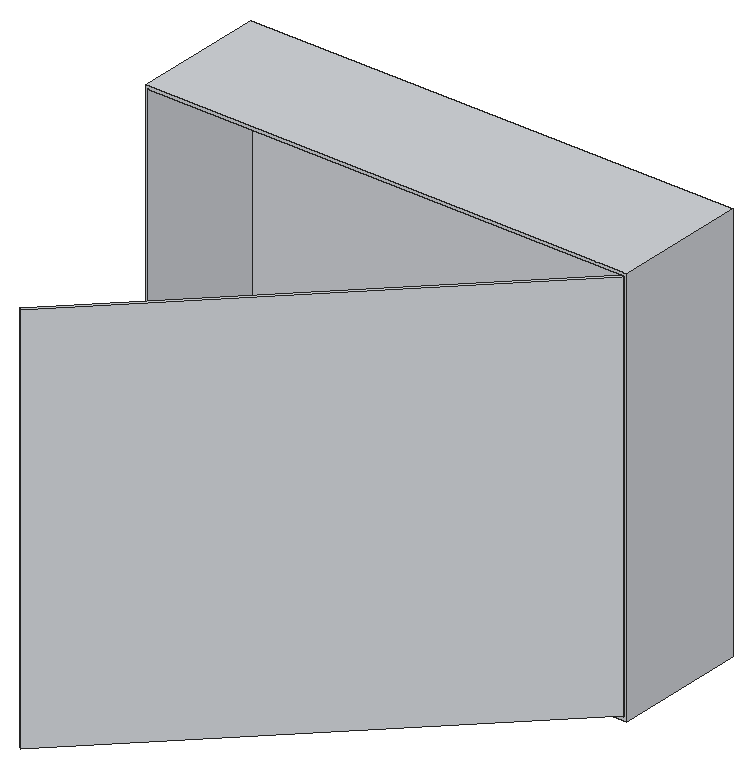
Revit family "Hager-Univers-IP41-leer-Aufputz-NoHosted-DE-de", category Electrical Equipment, Revit 2020
Family settings
  Panel Configuration = Two Columns, Circuits Across
  Round Connector Dimension = Use Diameter
  Part Type = Panelboard
  Work Plane-Based = Yes
  Always vertical = Yes
  Cut with Voids When Loaded = No
  Shared = No
  Room Calculation Point = No
Parameters (values of type "Aufputz IP41 B540 H450 T148 0 Teilungseinheiten - FB3008SN")
  Width Control [instance] = if([HG000006 - Unterputz], if([EF000846 - Einbaubreite] > min_whd, [EF000846 - Einbaubreite], min_whd), if([EF000008 - Breite] > min_whd, ([EF000008 - Breite]), min_whd))  # 540 mm
  Void Depth [instance] = if([EF000218 - Einbautiefe] > 1 mm, [EF000218 - Einbautiefe], 1 mm)  # 84 mm
  Type Comments = [HG000003 - Bereich]  # "Univers"
  System Height [instance] = Height Control - 2 * [HG000005 - Dicke]  # 444 mm
  Panel Name [instance] = ""  # (empty or 0)
  Offset [instance] = 0 mm
  Model = [HG000004 - Herstellerreferenz]  # "FB3008SN"
  Level Offset [instance] = [Flush Mounted - Door Frame Width] + Offset  # 0 mm
  HG000017 - Distanz zwischen den Polen = 18 mm
  HG000016 - 3D-Türsichtbarkeit [instance] = yes
  HG000015 - Sichtbarkeit der Türöffnung [instance] = no
  HG000014 - Tür rechts [instance] = yes
  HG000013 - Tür links [instance] = not([HG000014 - Tür rechts])  # no
  HG000012 - Türschwenkwinkel [instance] = 45.00°
  HG000011 - Leere Reihen von unten = no
  HG000010 - Asymmetrische Türen = no
  HG000009 - Doppelflügeligen Tür = no
  HG000008 - Anzahl der leeren Reihen = 0
  HG000007 - Anzahl der leeren Spalten = 0
  HG000006 - Unterputz = no
  HG000005 - Dicke = 3 mm  # constant formula
  HG000004 - Herstellerreferenz = "FB3008SN"
  HG000003 - Bereich = "Univers"
  HG000002 - Mit tür = yes
  HG000001 - Anzahl der Spalten = 0
  EF015941 - Signaldurchlassende Tür = no
  EF015777 - Neutralleiterklemmenblock = no
  EF015776 - Erdungsklemmenblock = no
  EF009212 - Ausführung Deckel = "EV000116 - geschlossen"
  EF006306 - Mit Schloss = no
  EF006244 - Transparenter Deckel/Tür = no
  EF005474 - Schutzart (IP) = "EV006416 - IP41"
  EF004462 - Art der Schließung = ""
  EF002950 - Breite in Teilungseinheiten = 0
  EF001596 - Werkstoff des Gehäuses = "EV000154 - sonstige"
  EF001134 - DIN-Schiene = no
  EF001131 - Innentiefe = 84 mm
  EF001088 - Anbaumöglichkeit = no
  EF001062 - EMV-Ausführung = no
  EF000846 - Einbaubreite = 300 mm
  EF000339 - Art der Abdeckung = "EV004216 - Tür"
  EF000332 - Einbauhöhe = 0 mm
  EF000266 - Anzahl der Reihen = 0
  EF000218 - Einbautiefe = 84 mm
  EF000118 - Mit Montageplatte = no
  EF000116 - RAL-Nummer = "9010"
  EF000049 - Tiefe = 148 mm
  EF000040 - Höhe = 450 mm
  EF000008 - Breite = 540 mm
  EF000007 - Farbe = "EV000202 - weiß"
  EF000003 - Montageart = "EV000384 - Aufputz"
  Description = ""
  Default Elevation = 1219.2 mm
  Arrow Offset [instance] = Depth Control / 8  # 18.5 mm
  Arrow Height [instance] = Depth Control - Arrow Offset  # 129.5 mm
  Host Offset [instance] = if([HG000006 - Unterputz], 0 mm, [EF000049 - Tiefe])  # 148 mm
  min_whd [instance] = (2 * [HG000005 - Dicke]) + 1 mm  # 7 mm
  Manufacturer = "Hager"  # constant formula
  Height Control [instance] = if([HG000006 - Unterputz], if([EF000332 - Einbauhöhe] > min_whd, [EF000332 - Einbauhöhe], min_whd), if([EF000040 - Höhe] > min_whd, ([EF000040 - Höhe]), min_whd))  # 450 mm
  Flush Mounted - Door Frame Width [instance] = if(([EF000040 - Höhe] - [EF000332 - Einbauhöhe]) > 0 mm, if([HG000006 - Unterputz], [EF000040 - Höhe] - [EF000332 - Einbauhöhe], 0 mm), 0 mm)  # 0 mm
  Depth Control [instance] = if([HG000006 - Unterputz], if([EF000218 - Einbautiefe] > 0 mm, [EF000218 - Einbautiefe], 1 mm), if([EF000049 - Tiefe] > 0 mm, ([EF000049 - Tiefe]), 1 mm))  # 148 mm
Types (3, lengths in mm): name | Width Control | System Height | Model | HG000004 - Herstellerreferenz | EF004462 - Art der Schließung | EF000846 - Einbaubreite | EF000049 - Tiefe | EF000040 - Höhe | EF000008 - Breite | Arrow Offset | Arrow Height | Host Offset | Height Control | Depth Control
  Aufputz IP41 B350 H350 T128 0 Teilungseinheiten - FB2008LN | 350 | 344 | "FB2008LN" | "FB2008LN" | "EV000154 - sonstige" | 200 | 128 | 350 | 350 | 16 | 112 | 128 | 350 | 128
  Aufputz IP41 B450 H450 T128 0 Teilungseinheiten - FB3008LN | 450 | 444 | "FB3008LN" | "FB3008LN" | "EV000154 - sonstige" | 300 | 128 | 450 | 450 | 16 | 112 | 128 | 450 | 128
  Aufputz IP41 B540 H450 T148 0 Teilungseinheiten - FB3008SN | 540 | 444 | "FB3008SN" | "FB3008SN" | "" | 300 | 148 | 450 | 540 | 18.5 | 129.5 | 148 | 450 | 148
Reference planes
  plane 1 "Center (Front/Back)": y = 0
  plane 2: z = 0
  plane 3 "Center (Left/Right)": x = 0
  plane 4: y = 3
  plane 5: y = 0
  plane 6: y = 0
  plane 7: z = 0
  plane 8: x = -270
  plane 9: x = 270
  plane 10: x = 267
  plane 11: x = -267
  plane 12: z = 0
  plane 13: z = 3
  plane 14: y = -143
  plane 15: y = -148
  plane 16: y = -3
  plane 17: z = 447
  plane 18: z = 450
  plane 19: z = 225
  plane 20: x = 0
  plane 21: y = -100
Forms (mm)
  Extrusion 1, solid
    sketch origin (-208.679, -4572, 0) x (-1, 0, 0) y (0, -1, 0)
      loop
        line (61.321, -4424) -> (-478.679, -4424) -> (-478.679, -4572) -> (61.321, -4572) -> (61.321, -4424)
    from 0 to 450 <- "Height Control"
  Extrusion 2, void
    sketch origin (-350.771, -148, 1219.2) x (1, 0, 0) y (0, 0, 1)
      loop
        line (83.771, -772.2) -> (83.771, -1216.2) -> (617.771, -1216.2) -> (617.771, -772.2) -> (83.771, -772.2)
    from 0 to -145
  Extrusion 3, solid, detail levels coarse+medium
    sketch origin (-350.771, -148, 1219.2) x (-1, 0, 0) y (0, 0, 1)
      loop
        line (-83.771, -772.2) -> (-617.771, -772.2) -> (-617.771, -1216.2) -> (-83.771, -1216.2) -> (-83.771, -772.2)
    from 0 to 3 <- "HG000005 - Dicke"
Cuts and joins
  Extrusion 2 cuts Extrusion 1
Dimensions and locks
  "Flush Mounted - Door Frame Width": plane 1 "Center (Front/Back)" to plane 6
  "HG000005 - Dicke": plane 4 to plane 6
  "HG000005 - Dicke": plane 8 to plane 11
  "HG000005 - Dicke": plane 9 to plane 10
  equal spacing: plane 8, plane 3 "Center (Left/Right)", plane 9
  "Width Control": plane 8 to plane 9
  locked: plane 14 to plane 15 at 5
  "Host Offset": plane 1 "Center (Front/Back)" to plane 15
  "Depth Control": plane 5 to plane 15
  "HG000005 - Dicke": plane 5 to plane 16
  "HG000005 - Dicke": plane 13 to plane 12
  "Level Offset": plane 12 to level
  "HG000005 - Dicke": plane 18 to plane 17
  "Height Control": plane 18 to plane 12
  "Arrow Offset": plane 5 to nested 4
  equal spacing: plane 18, plane 19, plane 12
  locked: connector elem to plane 19
  locked: connector elem to plane 3 "Center (Left/Right)"
  aligned and locked: nested 1 to plane 14
  aligned and locked: plane 3 "Center (Left/Right)" to nested 1
  aligned and locked: plane 3 "Center (Left/Right)" to nested 2
  aligned and locked: nested 2 to plane 15
  aligned and locked: plane 5 to Extrusion 1
  aligned and locked: Extrusion 3 sketch curve to plane 17
  aligned and locked: Extrusion 3 sketch curve to plane 11
  aligned and locked: Extrusion 3 sketch curve to plane 13
  aligned and locked: Extrusion 3 sketch curve to plane 10
  aligned and locked: Extrusion 2 sketch curve to plane 13
  aligned and locked: Extrusion 2 sketch curve to plane 10
  aligned and locked: Extrusion 2 sketch curve to plane 17
  aligned and locked: Extrusion 2 sketch curve to plane 11
  aligned and locked: plane 16 to Extrusion 2
  aligned and locked: plane 5 to Extrusion 1 sketch curve
  aligned and locked: plane 9 to Extrusion 1 sketch curve
  aligned and locked: plane 8 to Extrusion 1 sketch curve
  aligned and locked: plane 8 to nested 4
  aligned and locked: plane 8 to nested 3
  aligned and locked: nested 3 to plane 5
  aligned and locked: Extrusion 1 sketch curve to plane 15
  aligned and locked: Extrusion 2 to plane 15
Nested families
  nested 1: "Hager_Enclosure_System" at (0, -143, 3), Flush_Mounted <- "HG000006 - Unterputz", Width <- "EF000008 - Breite", Height <- "System Height", Width_Control <- "Width Control", Row_Module_Multiplicator <- "EF002950 - Breite in Teilungseinheiten", Empty_Columns <- "HG000007 - Anzahl der leeren Spalten", Built-in_Width <- "EF000846 - Einbaubreite", Border <- "HG000005 - Dicke", Total_No_Empty_Rows <- "HG000008 - Anzahl der leeren Reihen", Depth <- "HG000005 - Dicke", Empty_Rows_From_Bottom <- "HG000011 - Leere Reihen von unten", Distance_Between_Poles <- "HG000017 - Distanz zwischen den Polen", Rows_Count <- "EF000266 - Anzahl der Reihen", Columns_Count <- "HG000001 - Anzahl der Spalten", type "Hager_Enclosure_System", detail levels medium+fine
    with Width_Control 540 mm, Width 540 mm, Total_No_Rows 0, Total_No_Empty_Rows 0, Total_No_Columns 1, System_Width 534 mm, Rows_Count 0, Rows_Column 0, Row_Module_Multiplicator 0, Panel_4 no, Panel_3 no, Panel_2 no, Panel_1 no, No_Panels_Ctrl 1, Hide_Columns yes, Height 444 mm, Flush_Mounted no, Empty_Rows_From_Bottom no, Empty_Rows_Column 0, Empty_Columns 0, Distance_Between_Poles 18 mm, Depth 3 mm, Columns_Count 0, Column_Width 534 mm, Built-in_Width 300 mm, Border 3 mm
  nested 2: "Hager_Enclosure_Door" at (0, -148, 0), Double <- "HG000009 - Doppelflügeligen Tür", Height_Ctrl <- "Height Control", Transparent <- "EF006244 - Transparenter Deckel/Tür", Depth <- "EF000049 - Tiefe", Height <- "EF000040 - Höhe", Angle <- "HG000012 - Türschwenkwinkel", Door_Right <- "HG000014 - Tür rechts", Assymetrical <- "HG000010 - Asymmetrische Türen", Flush_Mounted <- "HG000006 - Unterputz", BuiltIn_Depth <- "EF000218 - Einbautiefe", BuiltIn_Width <- "EF000846 - Einbaubreite", Door <- "HG000002 - Mit tür", Width_Ctrl <- "Width Control", 3d_Door <- "HG000016 - 3D-Türsichtbarkeit", Width <- "EF000008 - Breite", Border <- "HG000005 - Dicke", BuiltIn_Height <- "EF000332 - Einbauhöhe", Clearance <- "HG000015 - Sichtbarkeit der Türöffnung", Door_Left <- "HG000013 - Tür links", type "Hager_Enclosure_Door", detail levels medium+fine
    with min_wh 7 mm, Width_Ctrl 540 mm, Width 540 mm, Transparent_Door_No_Bottom_Border no, Transparent no, Leaf_Width 531 mm, Leaf_Tolerance 1.5 mm, Leaf_Height 441 mm, Leaf_2_Width 531 mm, Leaf_2_Offset 265.5 mm, Leaf_1_Width 531 mm, Leaf_1_Offset 265.5 mm, Height_Ctrl 450 mm, Height 450 mm, Frame_Width_Ctrl 240 mm, Frame_Width 240 mm, Frame_Internal_Offset 0 mm, Frame_Height_Ctrl 450 mm, Frame_Height 450 mm, Frame_Depth_Ctrl 1 mm, Frame_Depth 0 mm, Flush_Mounted no, Double_Clearance_Ctrl no, Double no, Door_Right_Ctrl yes, Door_Right yes, Door_Left_Ctrl no, Door_Left no, Door yes, Depth 148 mm, Clearance_Depth 531 mm, Clearance_Ctrl no, Clearance no, BuiltIn_Width 300 mm, BuiltIn_Height 0 mm, BuiltIn_Depth 84 mm, Border 3 mm, Assymetrical no, Angle 45.00°, 3d_Door yes
  nested 3: "Hager_Enclosure_Symbol_Triangle" at (-270, 0, 0), Depth <- "Depth Control", Width <- "Width Control", type "Hager_Enclosure_Symbol_Triangle"
    with Width_Ctrl 540 mm, Width 540 mm, Depth_Ctrl 148 mm, Depth 148 mm
  nested 4: "Hager_Enclosure_Symbol_Arrow" at (-270, -18.5, 0), Height <- "Arrow Height", type "Hager_Enclosure_Symbol_Arrow"
    with Width_Inside 9.713 mm, Width 116.55 mm, Height_Ctrl 129.5 mm, Height 129.5 mm
Connectors
  electrical at (0, 0, 225)
    settings: on plane 5, index 1, voltage 0 V, apparent load 0 VA, apparent load phase1 0 VA, apparent load phase2 0 VA, apparent load phase3 0 VA, power factor 1, load classification "Other", number of poles 1, system type 30, power factor state 1, is connector primary yes, connector utility no, sub classification motor no, connector description ""
Definition of nested family "Hager_Enclosure_Door"
  Parameters (values of type "Hager_Enclosure_Door")
    min_wh [instance] = (2 * Border) + 1 mm  # 11 mm
    Width_Ctrl [instance] = 400 mm
    Width [instance] = 500 mm
    Transparent_Door_No_Bottom_Border [instance] = no
    Transparent [instance] = yes
    Leaf_Width [instance] = if((Width_Ctrl - 2 * Border - 2 * Leaf_Tolerance) > 0 mm, (Width_Ctrl - 2 * Border - 2 * Leaf_Tolerance), min_wh)  # 387 mm
    Leaf_Tolerance [instance] = 1.5 mm  # constant formula
    Leaf_Height [instance] = if((Height_Ctrl - 2 * Border - 2 * Leaf_Tolerance) > 0 mm, (Height_Ctrl - 2 * Border - 2 * Leaf_Tolerance), min_wh)  # 387 mm
    Leaf_2_Width [instance] = if(and(and(Double, Assymetrical), Door_Left), (Leaf_Width / 3) - (Leaf_Tolerance / 2), if(and(and(Double, Assymetrical), Door_Right), (Leaf_Width / 3) * 2 - (Leaf_Tolerance / 2), if(and(Double, not(Assymetrical)), (Leaf_Width / 2) - Leaf_Tolerance, Leaf_Width)))  # 387 mm
    Leaf_2_Offset [instance] = if(and(Double, Assymetrical), Leaf_2_Width / 2, if(and(Double, not(Assymetrical)), Leaf_Width / 4, Leaf_Width / 2))  # 193.5 mm
    Leaf_1_Width [instance] = if(and(and(Double, Assymetrical), Door_Right), (Leaf_Width / 3) - (Leaf_Tolerance / 2), if(and(and(Double, Assymetrical), Door_Left), (Width / 3) * 2 - (Leaf_Tolerance / 2), if(and(Double, not(Assymetrical)), (Leaf_Width / 2) - Leaf_Tolerance, Leaf_Width)))  # 387 mm
    Leaf_1_Offset [instance] = if(and(Double, Assymetrical), Leaf_1_Width / 2, if(and(Double, not(Assymetrical)), Leaf_Width / 4, Leaf_Width / 2))  # 193.5 mm
    Height_Ctrl [instance] = 400 mm
    Height [instance] = 500 mm
    Frame_Width_Ctrl [instance] = if(Frame_Width > 0 mm, Frame_Width, 1 mm)  # 1 mm
    Frame_Width [instance] = Width - BuiltIn_Width  # 0 mm
    Frame_Internal_Offset [instance] = if(Flush_Mounted, Border, 0 mm)  # 5 mm
    Frame_Height_Ctrl [instance] = if(Frame_Height > 0 mm, Frame_Height, 1 mm)  # 1 mm
    Frame_Height [instance] = Height - BuiltIn_Height  # 0 mm
    Frame_Depth_Ctrl [instance] = if(Frame_Depth > 0 mm, Frame_Depth, 1 mm)  # 1 mm
    Frame_Depth [instance] = if(Depth - BuiltIn_Depth > 0 mm, if(Flush_Mounted, Depth - BuiltIn_Depth, 0 mm), 0 mm)  # 0 mm
    Flush_Mounted [instance] = yes
    Double_Clearance_Ctrl [instance] = and(Double, Clearance)  # no
    Double [instance] = no
    Door_Right_Ctrl [instance] = and(or(Door_Right, Double), Door)  # yes
    Door_Right [instance] = yes
    Door_Left_Ctrl [instance] = and(or(Door_Left, Double), Door)  # no
    Door_Left [instance] = no
    Door [instance] = yes
    Depth [instance] = 500 mm
    Default Elevation = 1219.2 mm
    Clearance_Material = none
    Clearance_Depth [instance] = if(Leaf_1_Width > Leaf_2_Width, Leaf_1_Width, Leaf_2_Width)  # 387 mm
    Clearance_Ctrl [instance] = and(not(Double), Clearance)  # yes
    Clearance [instance] = yes
    BuiltIn_Width [instance] = 500 mm
    BuiltIn_Height [instance] = 500 mm
    BuiltIn_Depth [instance] = 500 mm
    Border [instance] = 5 mm
    Assymetrical [instance] = yes
    Angle [instance] = 30.00°
    3d_Door [instance] = yes
  Reference planes
    plane 1 "Center (Front/Back)": y = 0
    plane 2 "Bottom": z = 0
    plane 3 "Center (Left/Right)": x = 0
    plane 4: z = 400
    plane 5: x = -200
    plane 6: x = 200
    plane 7: z = 395
    plane 8: x = -195
    plane 9: z = 5
    plane 10: x = 195
    plane 11: y = 0
    plane 12: z = 6.5
    plane 13: x = -582
    plane 14: y = -387
    plane 15: x = 582
    plane 16: x = 0
    plane 17: x = 0
    plane 18: x = -193.5
    plane 19: x = 193.5
    plane 20: z = 393.5
  Forms (mm)
    Extrusion 1, solid, visible <- "Flush_Mounted"
      sketch origin (0, 0, 0) x (1, 0, 0) y (0, 0, 1)
        loop
          line (195, 5) -> (195, 395) -> (-195, 395) -> (-195, 5) -> (195, 5)
        loop
          line (-201, 401) -> (-201, -1) -> (201, -1) -> (201, 401) -> (-201, 401)
      from 0 to 1 <- "Frame_Depth_Ctrl"
    Extrusion 2, solid, material <- "Clearance_Material", visible <- "Double_Clearance_Ctrl"
      sketch origin (1200, 0, 0) x (1, 0, 0) y (0, 0, -1)
        loop
          line (-1782, -393.5) -> (-618, -393.5) -> (-618, 0) -> (-1782, 0) -> (-1782, -393.5)
      from 0 to -387
  Dimensions and locks
    equal spacing: plane 5, plane 3 "Center (Left/Right)", plane 6
    "Width_Ctrl": plane 5 to plane 6
    "Border": plane 5 to plane 8
    "Border": plane 6 to plane 10
    "Border": plane 9 to level
    "Border": plane 4 to plane 7
    "Height_Ctrl": plane 4 to level
    "Leaf_Tolerance": plane 12 to plane 9
    "Frame_Depth": plane 11 to plane 1 "Center (Front/Back)"
    "Frame_Width_Ctrl": plane 5 to Extrusion 1 sketch curve
    "Frame_Width_Ctrl": plane 6 to Extrusion 1 sketch curve
    "Frame_Width_Ctrl": Extrusion 1 sketch curve to plane 4
    "Frame_Width_Ctrl": plane 2 "Bottom" to Extrusion 1 sketch curve
    "Leaf_1_Offset": plane 18 to plane 16
    "Leaf_2_Offset": plane 17 to plane 19
    "Leaf_1_Width": plane 13 to plane 8
    "Leaf_2_Width": plane 10 to plane 15
    "Clearance_Depth": plane 14 to plane 1 "Center (Front/Back)"
    "Leaf_Tolerance": plane 8 to plane 18
    "Leaf_Tolerance": plane 19 to plane 10
    "Leaf_Tolerance": plane 7 to plane 20
    "Frame_Internal_Offset": plane 5 to Extrusion 1 sketch curve
    "Frame_Internal_Offset": Extrusion 1 sketch curve to plane 2 "Bottom"
    "Frame_Internal_Offset": plane 6 to Extrusion 1 sketch curve
    "Frame_Internal_Offset": plane 4 to Extrusion 1 sketch curve
    aligned and locked: level to plane 2 "Bottom"
    aligned and locked: nested 1 to plane 16
    aligned and locked: nested 2 to plane 17
    aligned and locked: Extrusion 2 to plane 13
    aligned and locked: plane 15 to Extrusion 2
    aligned and locked: Extrusion 2 to plane 14
    aligned and locked: plane 12 to nested 1
    aligned and locked: nested 2 to plane 12
    aligned and locked: Extrusion 2 to plane 11
    aligned and locked: plane 20 to Extrusion 2
    aligned and locked: nested 2 to plane 11
    aligned and locked: nested 1 to plane 11
  Automatic sketch dimensions
    Extrusion 2 sketch curve to level = 0 mm
    plane 5 to Extrusion 2 sketch curve = 382 mm
    plane 6 to Extrusion 2 sketch curve = 382 mm
    Extrusion 2 sketch curve to plane 4 = 6.5 mm
  Nested families
    nested 1: "Hager_Enclosure_Door_Leaf" at (0, 0, 6.5), Width <- "Leaf_1_Width", visible <- "Door_Left_Ctrl", Leaf_Height <- "Leaf_Height", Angle <- "Angle", Depth <- "Border", 3d_Door <- "3d_Door", Transparent <- "Transparent", Clearance Material <- "Clearance_Material", Clearance <- "Clearance_Ctrl", Transparent_Door_No_Bottom_Border <- "Transparent_Door_No_Bottom_Border", type "Hager_Enclosure_Door_Leaf"
      with Width 387 mm, Transparent_Door_No_Bottom_Border no, Transparent_Door_Border_Bottom_Top 25 mm, Transparent_Door_Border 25 mm, Transparent_Ctrl yes, Transparent yes, Standard no, Leaf_Height 387 mm, Glass_Offset 1 mm, Depth 5 mm, Clearance Material none, Clearance yes, Angle_Ctrl 30.00°, Angle 30.00°, 3d_Door yes
    nested 2: "Hager_Enclosure_Door_Leaf" at (0, 0, 6.5) x (-1, 0, 0) z (0, 0, 1), Width <- "Leaf_2_Width", visible <- "Door_Right_Ctrl", Leaf_Height <- "Leaf_Height", Angle <- "Angle", Depth <- "Border", 3d_Door <- "3d_Door", Transparent <- "Transparent", Clearance Material <- "Clearance_Material", Clearance <- "Clearance_Ctrl", Transparent_Door_No_Bottom_Border <- "Transparent_Door_No_Bottom_Border", type "Hager_Enclosure_Door_Leaf"
      with Width 387 mm, Transparent_Door_No_Bottom_Border no, Transparent_Door_Border_Bottom_Top 25 mm, Transparent_Door_Border 25 mm, Transparent_Ctrl yes, Transparent yes, Standard no, Leaf_Height 387 mm, Glass_Offset 1 mm, Depth 5 mm, Clearance Material none, Clearance yes, Angle_Ctrl 30.00°, Angle 30.00°, 3d_Door yes
  Definition of nested family "Hager_Enclosure_Door_Leaf"
    Parameters (values of type "Hager_Enclosure_Door_Leaf")
      Width [instance] = 2000 mm
      Transparent_Door_No_Bottom_Border [instance] = yes
      Transparent_Door_Border_Bottom_Top [instance] = if(Transparent_Door_No_Bottom_Border, 0.1 mm, Transparent_Door_Border)  # 0.1 mm
      Transparent_Door_Border [instance] = if(Transparent_Door_No_Bottom_Border, (Width * 0.12), 25 mm)  # 240 mm
      Transparent_Ctrl [instance] = and(Transparent, [3d_Door])  # yes
      Transparent [instance] = yes
      Standard [instance] = and(not(Transparent), [3d_Door])  # no
      Leaf_Height [instance] = 2720.336 mm
      Glass_Offset [instance] = if((Depth - 10 mm) / 2 > 0 mm, (Depth - 10 mm) / 2, 1 mm)  # 15 mm
      Glass_Material = none
      Depth [instance] = 40 mm
      Default Elevation = 0 mm
      Clearance Material [instance] = none
      Clearance [instance] = yes
      Angle_Ctrl [instance] = if(Angle > 170.00°, 170.00°, Angle)  # 45.00°
      Angle [instance] = 45.00°
      3d_Door [instance] = yes
    Reference planes
      plane 1 "Center (Front/Back)": y = 0
      plane 2: z = 0
      plane 3 "Center (Left/Right)": x = 0
      plane 4: y = 2000
      plane 5: x = -1000
      plane 6: x = 1000
      plane 7: x = -3000
      plane 8: z = 2720.336
      plane 9: z = 0.1
      plane 10: z = 2720.236
      plane 11: x = 760
      plane 12: x = -760
    Forms (mm)
      Extrusion 1, solid, material <- "Clearance Material", visible <- "Clearance"
        sketch origin (0, 0, 0) x (1, 0, 0) y (0, 0, 1)
          loop
            line (-3000, 2720.336) -> (-3000, 0) -> (1000, 0) -> (1000, 2720.336) -> (-3000, 2720.336)
        from 0 to -2000
      Extrusion 2, solid, visible <- "Standard", detail levels medium+fine
        sketch origin (-1000, 0, 0) x (0.707107, 0.707107, 0) y (-0.707107, 0.707107, 0)
          loop
            line (0, -40) -> (2000, -40) -> (2000, 0) -> (0, 0) -> (0, -40)
        from 0 to 2720.336 <- "Leaf_Height"
      Extrusion 3, solid, visible <- "Transparent_Ctrl", detail levels medium+fine
        sketch origin (-1000, 0, 0) x (0.707107, 0.707107, 0) y (-0.707107, 0.707107, 0)
          loop
            line (0, -40) -> (2000, -40) -> (2000, 0) -> (0, 0) -> (0, -40)
        from 0 to 2720.336 <- "Leaf_Height"
      Extrusion 4, void, detail levels medium+fine
        sketch origin (-1000, 0, 0) x (-0.707107, 0.707107, 0) y (0.707107, 0.707107, 0)
          loop
            line (0, 240) -> (0, 1760) -> (-40, 1760) -> (-40, 240) -> (0, 240)
        from -2720.236 to -0.1
      Extrusion 5, solid, material <- "Glass_Material", visible <- "Transparent_Ctrl", detail levels medium+fine
        sketch origin (-1000, 0, 0) x (0.707107, 0.707107, 0) y (-0.707107, 0.707107, 0)
          loop
            line (240, -15) -> (240, -25) -> (1760, -25) -> (1760, -15) -> (240, -15)
        from 0.1 to 2720.236
    Cuts and joins
      Extrusion 4 cuts Extrusion 3
    Lines and regions (mm)
      symbolic lines
        curve 1: line (1000, 0, 0) -> (-3000, 0, 0)
        curve 2: arc (1000, 0, 0) -> (-1000, 2000, 0) -> (-3000, 0, 0) r 2000
        curve 4: line (-1000, 0, 0) -> (414.214, 1414.214, 0)
      reference lines
        curve 3: line (-1000, 0, 0) -> (414.214, 1414.214, 0)
      symbolic lines, detail levels medium+fine
        curve 5: line (414.214, 1414.214, 0) -> (442.498, 1385.929, 0)
        curve 6: line (442.498, 1385.929, 0) -> (-971.716, -28.284, 0)
        curve 7: line (-971.716, -28.284, 0) -> (-1000, 0, 0)
        curve 8: line (-1000, 0, 2720.336) -> (1000, 0, 2720.336)
        curve 9: line (-1000, 0, 0) -> (-1000, 0, 2720.336)
        curve 10: line (1000, 0, 0) -> (-1000, 0, 0)
        curve 11: line (1000, 0, 2720.336) -> (1000, 0, 0)
      symbolic lines, visible <- "Transparent_Ctrl", detail levels medium+fine
        curve 12: line (-760, 0, 2720.236) -> (760, 0, 2720.236)
        curve 13: line (-760, 0, 0.1) -> (-760, 0, 2720.236)
        curve 14: line (760, 0, 0.1) -> (-760, 0, 0.1)
        curve 15: line (760, 0, 2720.236) -> (760, 0, 0.1)
    Dimensions and locks
      "Width": plane 1 "Center (Front/Back)" to plane 4
      equal spacing: plane 5, plane 3 "Center (Left/Right)", plane 6
      "Width": plane 5 to plane 6
      "Width": plane 7 to plane 5
      "Leaf_Height": plane 8 to level
      "Depth": curve 6 to curve 3
      "Width": curve 5 to curve 3
      "Width": curve 3 to curve 3
      "Transparent_Door_Border": Extrusion 4 sketch curve to curve 7
      "Transparent_Door_Border": Extrusion 4 sketch curve to curve 5
      "Transparent_Door_Border_Bottom_Top": plane 8 to plane 10
      "Transparent_Door_Border_Bottom_Top": plane 9 to level
      "Glass_Offset": Extrusion 5 sketch curve to curve 4
      "Glass_Offset": Extrusion 5 sketch curve to curve 6
      "Transparent_Door_Border": Extrusion 5 sketch curve to curve 5
      "Transparent_Door_Border": Extrusion 5 sketch curve to curve 7
      "Transparent_Door_Border": plane 12 to plane 5
      "Transparent_Door_Border": plane 6 to plane 11
      "Angle_Ctrl": angle plane 1 "Center (Front/Back)" to curve 3
      aligned and locked: level to plane 2
      aligned and locked: Extrusion 1 to curve 1
      aligned and locked: plane 6 to Extrusion 1
      aligned and locked: Extrusion 1 to plane 1 "Center (Front/Back)"
      aligned and locked: plane 4 to Extrusion 1
      aligned and locked: plane 8 to Extrusion 1
      aligned and locked: curve 4 to curve 3
      aligned and locked: Extrusion 2 sketch curve to curve 7
      aligned and locked: Extrusion 2 sketch curve to curve 6
      aligned and locked: Extrusion 2 sketch curve to curve 5
      aligned and locked: Extrusion 2 sketch curve to curve 3
      aligned and locked: curve 7 to Extrusion 3 sketch curve
      aligned and locked: Extrusion 3 sketch curve to curve 4
      aligned and locked: Extrusion 3 sketch curve to curve 6
      aligned and locked: Extrusion 3 sketch curve to curve 5
      aligned and locked: curve 4 to Extrusion 4 sketch curve
      aligned and locked: curve 6 to Extrusion 4 sketch curve
      aligned and locked: Extrusion 4 to plane 9
      aligned and locked: Extrusion 4 to plane 10
      aligned and locked: Extrusion 5 to plane 9
      aligned and locked: Extrusion 5 to plane 10
      aligned and locked: curve 8 to plane 8
      aligned and locked: plane 5 to curve 9
      aligned and locked: plane 2 to curve 10
      aligned and locked: curve 11 to plane 6
      aligned and locked: plane 10 to curve 12
      aligned and locked: plane 12 to curve 13
      aligned and locked: curve 14 to plane 9
      aligned and locked: plane 11 to curve 15
    Automatic sketch dimensions
      plane 1 "Center (Front/Back)" to curve 2 = 0 mm
      curve 2 to plane 5 = 0 mm
      Extrusion 1 sketch curve to level = 0 mm
      Extrusion 1 sketch curve to plane 7 = 0 mm
      Extrusion 1 sketch curve to plane 6 = 0 mm
      Extrusion 1 sketch curve to plane 8 = 0 mm
      plane 1 "Center (Front/Back)" to curve 3 = 0 mm
      curve 3 to plane 5 = 0 mm
      curve 7 to curve 3 = 0 mm
Definition of nested family "Hager_Enclosure_Symbol_Triangle"
  Parameters (values of type "Hager_Enclosure_Symbol_Triangle")
    Width_Ctrl [instance] = if(Width > 1 mm, Width, 1 mm)  # 498 mm
    Width [instance] = 498 mm
    Depth_Ctrl [instance] = if(Depth > 1 mm, Depth, 1 mm)  # 72 mm
    Depth [instance] = 72 mm
  Reference planes
    plane 1 "Centre (avant/arrière)": y = 0
    plane 2: z = 0
    plane 3 "Centre (gauche/droite)": x = 0
  Lines and regions (mm)
    Filled region 1, type "Solid_Black", in view "Niveau de réf."
      outline origin (0, 0, 0) x (1, 0, 0) y (0, 1, 0)
        loop
          line (0, 0) -> (498, 0) -> (498, 72) -> (0, 0)
    reference lines, in view "Niveau de réf."
      curve 1: line (-206.153, 72, 0) -> (1083.258, 72, 0)
      curve 2: line (498, 405.456, 0) -> (498, -517.619, 0)
  Dimensions and locks
    "Depth_Ctrl": plane 1 "Centre (avant/arrière)" to curve 1
    "Width_Ctrl": plane 3 "Centre (gauche/droite)" to curve 2
    aligned and locked: curve 1 to Filled region 1 sketch curve
    aligned and locked: Filled region 1 sketch curve to plane 1 "Centre (avant/arrière)"
    aligned and locked: curve 2 to Filled region 1 sketch curve
    aligned and locked: plane 3 "Centre (gauche/droite)" to Filled region 1 sketch curve
    aligned and locked: plane 1 "Centre (avant/arrière)" to Filled region 1 sketch curve
  Automatic sketch dimensions
    curve 1 to plane 3 "Centre (gauche/droite)" = 206.153 mm
    curve 2 to curve 1 = 585.258 mm
    plane 1 "Centre (avant/arrière)" to curve 2 = 517.619 mm
    curve 2 to plane 1 "Centre (avant/arrière)" = 405.456 mm
Definition of nested family "Hager_Enclosure_Symbol_Arrow"
  Parameters (values of type "Hager_Enclosure_Symbol_Arrow")
    Width_Inside [instance] = if(Width / 12 > 2 mm, Width / 12, 2 mm)  # 4.987 mm
    Width [instance] = if(Height_Ctrl * 0.9 > 2 mm, Height_Ctrl * 0.9, 2 mm)  # 59.85 mm
    Height_Ctrl [instance] = if(Height > 2 mm, Height, 2 mm)  # 66.5 mm
    Height [instance] = 66.5 mm
  Reference planes
    plane 1 "Centre (avant/arrière)": y = 0
    plane 2: z = 0
    plane 3 "Centre (gauche/droite)": x = 0
    plane 4: x = 59.85
    plane 5: y = 28.263
    plane 6: y = 38.238
    plane 7: y = 66.5
    plane 8: x = 29.925
    plane 9: y = 33.25
  Lines and regions (mm)
    Filled region 1, type "Solid_Black", in view "Niveau de réf."
      outline origin (0, 0, 0) x (1, 0, 0) y (0, 1, 0)
        loop
          line (59.85, 66.5) -> (37.929, 52.827) -> (51.846, 41.935) -> (59.85, 66.5)
    detail lines, in view "Niveau de réf."
      curve 1: line (0, 0, 0) -> (29.925, 38.238, 0)
      curve 2: line (29.925, 38.238, 0) -> (29.925, 28.263, 0)
      curve 3: line (29.925, 28.263, 0) -> (59.85, 66.5, 0)
  Dimensions and locks
    "Width": plane 3 "Centre (gauche/droite)" to plane 4
    "Height_Ctrl": plane 7 to plane 1 "Centre (avant/arrière)"
    equal spacing: plane 3 "Centre (gauche/droite)", plane 8, plane 4
    equal spacing: plane 7, plane 9, plane 1 "Centre (avant/arrière)"
    equal spacing: plane 6, plane 9, plane 5
    "Width_Inside": plane 6 to plane 9
    equal spacing: curve 3, Filled region 1 sketch curve, Filled region 1 sketch curve
    angle Filled region 1 sketch curve to curve 3 = 20.00°
    angle curve 3 to Filled region 1 sketch curve = 20.00°
    locked: curve 3 to Filled region 1 sketch curve (angle 90.00°)
  Automatic sketch dimensions
    plane 1 "Centre (avant/arrière)" to curve 1 = 0 mm
    curve 1 to plane 3 "Centre (gauche/droite)" = 0 mm
    curve 2 to plane 6 = 0 mm
    curve 3 to plane 8 = 0 mm
    curve 3 to plane 4 = 0 mm
    curve 2 to plane 5 = 0 mm
    curve 3 to plane 7 = 0 mm
    Filled region 1 sketch curve to plane 4 = 0 mm
    Filled region 1 sketch curve to plane 7 = 0 mm
